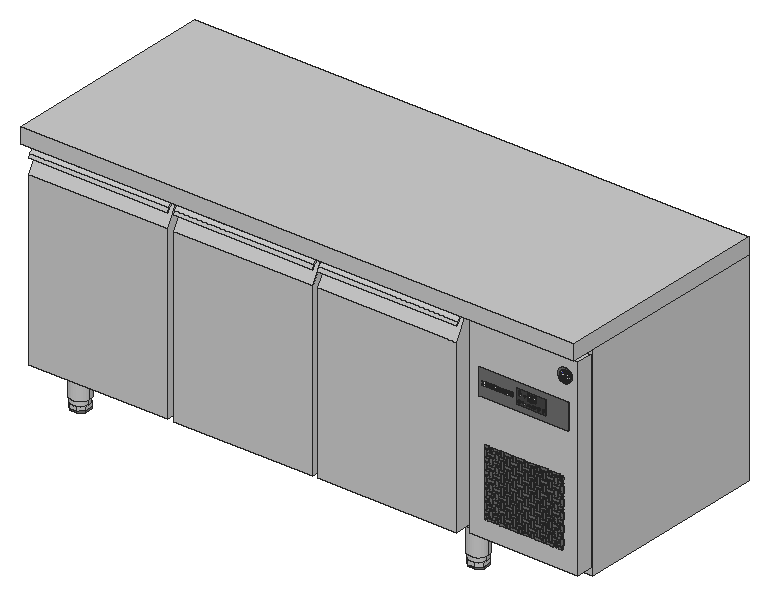
Revit family "QF_HOSHIZAKI_889020823", category Specialty Equipment, Revit 2016 (continued)
Definition of nested family "QF_HOSHIZAKI_889020823_230V_1Ph_50Hz"
  Definition of nested family "Control-panel"
    Forms (mm)
      Extrusion 1, solid
        sketch origin (-3653, 19.5, -135) x (-1, 0, 0) y (0, 0, 1)
          loop
            line (-3909.5, 299.986) -> (-3909.5, 317.986)
          loop
            arc (-3951, 330.986) -> (-3954, 327.986) -> (-3951, 324.986) r 3
            line (-3951, 324.986) -> (-3942, 324.986)
            arc (-3942, 324.986) -> (-3939, 327.986) -> (-3942, 330.986) r 3
            line (-3942, 330.986) -> (-3951, 330.986)
          loop
            arc (-3947.5, 317.986) -> (-3951, 321.486) -> (-3954.5, 317.986) r 3.5
            line (-3954.5, 317.986) -> (-3954.5, 299.986)
            arc (-3954.5, 299.986) -> (-3951, 296.486) -> (-3947.5, 299.986) r 3.5
            line (-3947.5, 299.986) -> (-3947.5, 317.986)
          loop
            arc (-3941, 312.486) -> (-3944.5, 308.986) -> (-3941, 305.486) r 3.5
            line (-3941, 305.486) -> (-3923, 305.486)
            arc (-3923, 305.486) -> (-3919.5, 308.986) -> (-3923, 312.486) r 3.5
            line (-3923, 312.486) -> (-3941, 312.486)
          loop
            arc (-3903, 312.486) -> (-3906.5, 308.986) -> (-3903, 305.486) r 3.5
            line (-3903, 305.486) -> (-3885, 305.486)
            arc (-3885, 305.486) -> (-3881.5, 308.986) -> (-3885, 312.486) r 3.5
            line (-3885, 312.486) -> (-3903, 312.486)
          loop
            arc (-3865, 312.486) -> (-3868.5, 308.986) -> (-3865, 305.486) r 3.5
            line (-3865, 305.486) -> (-3847, 305.486)
            arc (-3847, 305.486) -> (-3843.5, 308.986) -> (-3847, 312.486) r 3.5
            line (-3847, 312.486) -> (-3865, 312.486)
          loop
            arc (-3827, 312.486) -> (-3830.5, 308.986) -> (-3827, 305.486) r 3.5
            line (-3827, 305.486) -> (-3809, 305.486)
            arc (-3809, 305.486) -> (-3805.5, 308.986) -> (-3809, 312.486) r 3.5
            line (-3809, 312.486) -> (-3827, 312.486)
          loop
            arc (-3789, 312.486) -> (-3792.5, 308.986) -> (-3789, 305.486) r 3.5
            line (-3789, 305.486) -> (-3771, 305.486)
            arc (-3771, 305.486) -> (-3767.5, 308.986) -> (-3771, 312.486) r 3.5
            line (-3771, 312.486) -> (-3789, 312.486)
          loop
            arc (-3751, 312.486) -> (-3754.5, 308.986) -> (-3751, 305.486) r 3.5
            line (-3751, 305.486) -> (-3733, 305.486)
            arc (-3733, 305.486) -> (-3729.5, 308.986) -> (-3733, 312.486) r 3.5
            line (-3733, 312.486) -> (-3751, 312.486)
          loop
            arc (-3713, 312.486) -> (-3716.5, 308.986) -> (-3713, 305.486) r 3.5
            line (-3713, 305.486) -> (-3704, 305.486)
            arc (-3704, 305.486) -> (-3700.5, 308.986) -> (-3704, 312.486) r 3.5
            line (-3704, 312.486) -> (-3713, 312.486)
          loop
            line (-3938.025, 302.996) -> (-3945.025, 302.996) -> (-3945.025, 295.996) -> (-3938.025, 295.996) -> (-3938.025, 302.996)
          loop
            line (-3919.025, 302.996) -> (-3926.025, 302.996) -> (-3926.025, 295.996) -> (-3919.025, 295.996) -> (-3919.025, 302.996)
          loop
            line (-3900.025, 302.996) -> (-3907.025, 302.996) -> (-3907.025, 295.996) -> (-3900.025, 295.996) -> (-3900.025, 302.996)
          loop
            line (-3881.025, 302.996) -> (-3888.025, 302.996) -> (-3888.025, 295.996) -> (-3881.025, 295.996) -> (-3881.025, 302.996)
          loop
            line (-3862.025, 302.996) -> (-3869.025, 302.996) -> (-3869.025, 295.996) -> (-3862.025, 295.996) -> (-3862.025, 302.996)
          loop
            line (-3843.025, 302.996) -> (-3850.025, 302.996) -> (-3850.025, 295.996) -> (-3843.025, 295.996) -> (-3843.025, 302.996)
          loop
            line (-3824.025, 302.996) -> (-3831.025, 302.996) -> (-3831.025, 295.996) -> (-3824.025, 295.996) -> (-3824.025, 302.996)
          loop
            line (-3805.025, 302.996) -> (-3812.025, 302.996) -> (-3812.025, 295.996) -> (-3805.025, 295.996) -> (-3805.025, 302.996)
          loop
            line (-3786.025, 302.996) -> (-3793.025, 302.996) -> (-3793.025, 295.996) -> (-3786.025, 295.996) -> (-3786.025, 302.996)
          loop
            line (-3767.025, 302.996) -> (-3774.025, 302.996) -> (-3774.025, 295.996) -> (-3767.025, 295.996) -> (-3767.025, 302.996)
          loop
            line (-3748.025, 302.996) -> (-3755.025, 302.996) -> (-3755.025, 295.996) -> (-3748.025, 295.996) -> (-3748.025, 302.996)
          loop
            line (-3729.025, 302.996) -> (-3736.025, 302.996) -> (-3736.025, 295.996) -> (-3729.025, 295.996) -> (-3729.025, 302.996)
          loop
            line (-3710.025, 302.996) -> (-3717.025, 302.996) -> (-3717.025, 295.996) -> (-3710.025, 295.996) -> (-3710.025, 302.996)
          loop
            line (-3935.5, 298.986) -> (-3935.5, 280.986)
            arc (-3935.5, 280.986) -> (-3932, 277.486) -> (-3928.5, 280.986) r 3.5
            line (-3928.5, 280.986) -> (-3928.5, 298.986)
            arc (-3928.5, 298.986) -> (-3932, 302.486) -> (-3935.5, 298.986) r 3.5
          loop
            line (-3897.5, 298.986) -> (-3897.5, 280.986)
            arc (-3897.5, 280.986) -> (-3894, 277.486) -> (-3890.5, 280.986) r 3.5
            line (-3890.5, 280.986) -> (-3890.5, 298.986)
            arc (-3890.5, 298.986) -> (-3894, 302.486) -> (-3897.5, 298.986) r 3.5
          loop
            line (-3859.5, 298.986) -> (-3859.5, 280.986)
            arc (-3859.5, 280.986) -> (-3856, 277.486) -> (-3852.5, 280.986) r 3.5
            line (-3852.5, 280.986) -> (-3852.5, 298.986)
            arc (-3852.5, 298.986) -> (-3856, 302.486) -> (-3859.5, 298.986) r 3.5
          loop
            line (-3821.5, 298.986) -> (-3821.5, 280.986)
            arc (-3821.5, 280.986) -> (-3818, 277.486) -> (-3814.5, 280.986) r 3.5
            line (-3814.5, 280.986) -> (-3814.5, 298.986)
            arc (-3814.5, 298.986) -> (-3818, 302.486) -> (-3821.5, 298.986) r 3.5
          loop
            line (-3783.5, 298.986) -> (-3783.5, 280.986)
            arc (-3783.5, 280.986) -> (-3780, 277.486) -> (-3776.5, 280.986) r 3.5
            line (-3776.5, 280.986) -> (-3776.5, 298.986)
            arc (-3776.5, 298.986) -> (-3780, 302.486) -> (-3783.5, 298.986) r 3.5
          loop
            line (-3745.5, 298.986) -> (-3745.5, 280.986)
            arc (-3745.5, 280.986) -> (-3742, 277.486) -> (-3738.5, 280.986) r 3.5
            line (-3738.5, 280.986) -> (-3738.5, 298.986)
            arc (-3738.5, 298.986) -> (-3742, 302.486) -> (-3745.5, 298.986) r 3.5
          loop
            line (-3707.5, 298.986) -> (-3707.5, 280.986)
            arc (-3707.5, 280.986) -> (-3704, 277.486) -> (-3700.5, 280.986) r 3.5
            line (-3700.5, 280.986) -> (-3700.5, 298.986)
            arc (-3700.5, 298.986) -> (-3704, 302.486) -> (-3707.5, 298.986) r 3.5
          loop
            arc (-3922, 293.486) -> (-3925.5, 289.986) -> (-3922, 286.486) r 3.5
            line (-3922, 286.486) -> (-3904, 286.486)
            arc (-3904, 286.486) -> (-3900.5, 289.986) -> (-3904, 293.486) r 3.5
            line (-3904, 293.486) -> (-3922, 293.486)
          loop
            arc (-3884, 293.486) -> (-3887.5, 289.986) -> (-3884, 286.486) r 3.5
            line (-3884, 286.486) -> (-3866, 286.486)
            arc (-3866, 286.486) -> (-3862.5, 289.986) -> (-3866, 293.486) r 3.5
            line (-3866, 293.486) -> (-3884, 293.486)
          loop
            arc (-3846, 293.486) -> (-3849.5, 289.986) -> (-3846, 286.486) r 3.5
            line (-3846, 286.486) -> (-3828, 286.486)
            arc (-3828, 286.486) -> (-3824.5, 289.986) -> (-3828, 293.486) r 3.5
            line (-3828, 293.486) -> (-3846, 293.486)
          loop
            arc (-3808, 293.486) -> (-3811.5, 289.986) -> (-3808, 286.486) r 3.5
            line (-3808, 286.486) -> (-3790, 286.486)
            arc (-3790, 286.486) -> (-3786.5, 289.986) -> (-3790, 293.486) r 3.5
            line (-3790, 293.486) -> (-3808, 293.486)
          loop
            arc (-3770, 293.486) -> (-3773.5, 289.986) -> (-3770, 286.486) r 3.5
            line (-3770, 286.486) -> (-3752, 286.486)
            arc (-3752, 286.486) -> (-3748.5, 289.986) -> (-3752, 293.486) r 3.5
            line (-3752, 293.486) -> (-3770, 293.486)
          loop
            arc (-3732, 293.486) -> (-3735.5, 289.986) -> (-3732, 286.486) r 3.5
            line (-3732, 286.486) -> (-3714, 286.486)
            arc (-3714, 286.486) -> (-3710.5, 289.986) -> (-3714, 293.486) r 3.5
            line (-3714, 293.486) -> (-3732, 293.486)
          loop
            line (-3938.025, 276.976) -> (-3938.025, 283.976) -> (-3945.025, 283.976) -> (-3945.025, 276.976) -> (-3938.025, 276.976)
          loop
            line (-3919.025, 276.976) -> (-3919.025, 283.976) -> (-3926.025, 283.976) -> (-3926.025, 276.976) -> (-3919.025, 276.976)
          loop
            line (-3900.025, 276.976) -> (-3900.025, 283.976) -> (-3907.025, 283.976) -> (-3907.025, 276.976) -> (-3900.025, 276.976)
          loop
            line (-3881.025, 276.976) -> (-3881.025, 283.976) -> (-3888.025, 283.976) -> (-3888.025, 276.976) -> (-3881.025, 276.976)
          loop
            line (-3862.025, 276.976) -> (-3862.025, 283.976) -> (-3869.025, 283.976) -> (-3869.025, 276.976) -> (-3862.025, 276.976)
          loop
            line (-3843.025, 276.976) -> (-3843.025, 283.976) -> (-3850.025, 283.976) -> (-3850.025, 276.976) -> (-3843.025, 276.976)
          loop
            line (-3824.025, 276.976) -> (-3824.025, 283.976) -> (-3831.025, 283.976) -> (-3831.025, 276.976) -> (-3824.025, 276.976)
          loop
            line (-3805.025, 276.976) -> (-3805.025, 283.976) -> (-3812.025, 283.976) -> (-3812.025, 276.976) -> (-3805.025, 276.976)
          loop
            line (-3786.025, 276.976) -> (-3786.025, 283.976) -> (-3793.025, 283.976) -> (-3793.025, 276.976) -> (-3786.025, 276.976)
          loop
            line (-3767.025, 276.976) -> (-3767.025, 283.976) -> (-3774.025, 283.976) -> (-3774.025, 276.976) -> (-3767.025, 276.976)
          loop
            line (-3748.025, 276.976) -> (-3748.025, 283.976) -> (-3755.025, 283.976) -> (-3755.025, 276.976) -> (-3748.025, 276.976)
          loop
            line (-3729.025, 276.976) -> (-3729.025, 283.976) -> (-3736.025, 283.976) -> (-3736.025, 276.976) -> (-3729.025, 276.976)
          loop
            line (-3710.025, 276.976) -> (-3710.025, 283.976) -> (-3717.025, 283.976) -> (-3717.025, 276.976) -> (-3710.025, 276.976)
          loop
            arc (-3719.5, 279.986) -> (-3723, 283.486) -> (-3726.5, 279.986) r 3.5
            line (-3726.5, 279.986) -> (-3726.5, 261.986)
            arc (-3726.5, 261.986) -> (-3723, 258.486) -> (-3719.5, 261.986) r 3.5
            line (-3719.5, 261.986) -> (-3719.5, 279.986)
          loop
            arc (-3757.5, 279.986) -> (-3761, 283.486) -> (-3764.5, 279.986) r 3.5
            line (-3764.5, 279.986) -> (-3764.5, 261.986)
            arc (-3764.5, 261.986) -> (-3761, 258.486) -> (-3757.5, 261.986) r 3.5
            line (-3757.5, 261.986) -> (-3757.5, 279.986)
          loop
            arc (-3795.5, 279.986) -> (-3799, 283.486) -> (-3802.5, 279.986) r 3.5
            line (-3802.5, 279.986) -> (-3802.5, 261.986)
            arc (-3802.5, 261.986) -> (-3799, 258.486) -> (-3795.5, 261.986) r 3.5
            line (-3795.5, 261.986) -> (-3795.5, 279.986)
          loop
            arc (-3833.5, 279.986) -> (-3837, 283.486) -> (-3840.5, 279.986) r 3.5
            line (-3840.5, 279.986) -> (-3840.5, 261.986)
            arc (-3840.5, 261.986) -> (-3837, 258.486) -> (-3833.5, 261.986) r 3.5
            line (-3833.5, 261.986) -> (-3833.5, 279.986)
          loop
            arc (-3871.5, 279.986) -> (-3875, 283.486) -> (-3878.5, 279.986) r 3.5
            line (-3878.5, 279.986) -> (-3878.5, 261.986)
            arc (-3878.5, 261.986) -> (-3875, 258.486) -> (-3871.5, 261.986) r 3.5
            line (-3871.5, 261.986) -> (-3871.5, 279.986)
          loop
            arc (-3909.5, 279.986) -> (-3913, 283.486) -> (-3916.5, 279.986) r 3.5
            line (-3916.5, 279.986) -> (-3916.5, 261.986)
            arc (-3916.5, 261.986) -> (-3913, 258.486) -> (-3909.5, 261.986) r 3.5
            line (-3909.5, 261.986) -> (-3909.5, 279.986)
          loop
            arc (-3951, 292.986) -> (-3954, 289.986) -> (-3951, 286.986) r 3
            line (-3951, 286.986) -> (-3942, 286.986)
            arc (-3942, 286.986) -> (-3939, 289.986) -> (-3942, 292.986) r 3
            line (-3942, 292.986) -> (-3951, 292.986)
          loop
            arc (-3947.5, 279.986) -> (-3951, 283.486) -> (-3954.5, 279.986) r 3.5
            line (-3954.5, 279.986) -> (-3954.5, 261.986)
            arc (-3954.5, 261.986) -> (-3951, 258.486) -> (-3947.5, 261.986) r 3.5
            line (-3947.5, 261.986) -> (-3947.5, 279.986)
          loop
            arc (-3941, 274.486) -> (-3944.5, 270.986) -> (-3941, 267.486) r 3.5
            line (-3941, 267.486) -> (-3923, 267.486)
            arc (-3923, 267.486) -> (-3919.5, 270.986) -> (-3923, 274.486) r 3.5
            line (-3923, 274.486) -> (-3941, 274.486)
          loop
            arc (-3903, 274.486) -> (-3906.5, 270.986) -> (-3903, 267.486) r 3.5
            line (-3903, 267.486) -> (-3885, 267.486)
            arc (-3885, 267.486) -> (-3881.5, 270.986) -> (-3885, 274.486) r 3.5
            line (-3885, 274.486) -> (-3903, 274.486)
          loop
            arc (-3865, 274.486) -> (-3868.5, 270.986) -> (-3865, 267.486) r 3.5
            line (-3865, 267.486) -> (-3847, 267.486)
            arc (-3847, 267.486) -> (-3843.5, 270.986) -> (-3847, 274.486) r 3.5
            line (-3847, 274.486) -> (-3865, 274.486)
          loop
            arc (-3827, 274.486) -> (-3830.5, 270.986) -> (-3827, 267.486) r 3.5
            line (-3827, 267.486) -> (-3809, 267.486)
            arc (-3809, 267.486) -> (-3805.5, 270.986) -> (-3809, 274.486) r 3.5
            line (-3809, 274.486) -> (-3827, 274.486)
          loop
            arc (-3789, 274.486) -> (-3792.5, 270.986) -> (-3789, 267.486) r 3.5
            line (-3789, 267.486) -> (-3771, 267.486)
            arc (-3771, 267.486) -> (-3767.5, 270.986) -> (-3771, 274.486) r 3.5
            line (-3771, 274.486) -> (-3789, 274.486)
          loop
            arc (-3751, 274.486) -> (-3754.5, 270.986) -> (-3751, 267.486) r 3.5
            line (-3751, 267.486) -> (-3733, 267.486)
            arc (-3733, 267.486) -> (-3729.5, 270.986) -> (-3733, 274.486) r 3.5
            line (-3733, 274.486) -> (-3751, 274.486)
          loop
            arc (-3713, 274.486) -> (-3716.5, 270.986) -> (-3713, 267.486) r 3.5
            line (-3713, 267.486) -> (-3704, 267.486)
            arc (-3704, 267.486) -> (-3700.5, 270.986) -> (-3704, 274.486) r 3.5
            line (-3704, 274.486) -> (-3713, 274.486)
          loop
            line (-3938.025, 264.996) -> (-3945.025, 264.996) -> (-3945.025, 257.996) -> (-3938.025, 257.996) -> (-3938.025, 264.996)
          loop
            line (-3919.025, 264.996) -> (-3926.025, 264.996) -> (-3926.025, 257.996) -> (-3919.025, 257.996) -> (-3919.025, 264.996)
          loop
            line (-3900.025, 264.996) -> (-3907.025, 264.996) -> (-3907.025, 257.996) -> (-3900.025, 257.996) -> (-3900.025, 264.996)
          loop
            line (-3881.025, 264.996) -> (-3888.025, 264.996) -> (-3888.025, 257.996) -> (-3881.025, 257.996) -> (-3881.025, 264.996)
          loop
            line (-3862.025, 264.996) -> (-3869.025, 264.996) -> (-3869.025, 257.996) -> (-3862.025, 257.996) -> (-3862.025, 264.996)
          loop
            line (-3843.025, 264.996) -> (-3850.025, 264.996) -> (-3850.025, 257.996) -> (-3843.025, 257.996) -> (-3843.025, 264.996)
          loop
            line (-3824.025, 264.996) -> (-3831.025, 264.996) -> (-3831.025, 257.996) -> (-3824.025, 257.996) -> (-3824.025, 264.996)
          loop
            line (-3805.025, 264.996) -> (-3812.025, 264.996) -> (-3812.025, 257.996) -> (-3805.025, 257.996) -> (-3805.025, 264.996)
          loop
            line (-3786.025, 264.996) -> (-3793.025, 264.996) -> (-3793.025, 257.996) -> (-3786.025, 257.996) -> (-3786.025, 264.996)
          loop
            line (-3767.025, 264.996) -> (-3774.025, 264.996) -> (-3774.025, 257.996) -> (-3767.025, 257.996) -> (-3767.025, 264.996)
          loop
            line (-3748.025, 264.996) -> (-3755.025, 264.996) -> (-3755.025, 257.996) -> (-3748.025, 257.996) -> (-3748.025, 264.996)
          loop
            line (-3729.025, 264.996) -> (-3736.025, 264.996) -> (-3736.025, 257.996) -> (-3729.025, 257.996) -> (-3729.025, 264.996)
          loop
            line (-3710.025, 264.996) -> (-3717.025, 264.996) -> (-3717.025, 257.996) -> (-3710.025, 257.996) -> (-3710.025, 264.996)
          loop
            line (-3935.5, 260.986) -> (-3935.5, 242.986)
            arc (-3935.5, 242.986) -> (-3932, 239.486) -> (-3928.5, 242.986) r 3.5
            line (-3928.5, 242.986) -> (-3928.5, 260.986)
            arc (-3928.5, 260.986) -> (-3932, 264.486) -> (-3935.5, 260.986) r 3.5
          loop
            line (-3897.5, 260.986) -> (-3897.5, 242.986)
            arc (-3897.5, 242.986) -> (-3894, 239.486) -> (-3890.5, 242.986) r 3.5
            line (-3890.5, 242.986) -> (-3890.5, 260.986)
            arc (-3890.5, 260.986) -> (-3894, 264.486) -> (-3897.5, 260.986) r 3.5
          loop
            line (-3859.5, 260.986) -> (-3859.5, 242.986)
            arc (-3859.5, 242.986) -> (-3856, 239.486) -> (-3852.5, 242.986) r 3.5
            line (-3852.5, 242.986) -> (-3852.5, 260.986)
            arc (-3852.5, 260.986) -> (-3856, 264.486) -> (-3859.5, 260.986) r 3.5
          loop
            line (-3821.5, 260.986) -> (-3821.5, 242.986)
            arc (-3821.5, 242.986) -> (-3818, 239.486) -> (-3814.5, 242.986) r 3.5
            line (-3814.5, 242.986) -> (-3814.5, 260.986)
            arc (-3814.5, 260.986) -> (-3818, 264.486) -> (-3821.5, 260.986) r 3.5
          loop
            line (-3783.5, 260.986) -> (-3783.5, 242.986)
            arc (-3783.5, 242.986) -> (-3780, 239.486) -> (-3776.5, 242.986) r 3.5
            line (-3776.5, 242.986) -> (-3776.5, 260.986)
            arc (-3776.5, 260.986) -> (-3780, 264.486) -> (-3783.5, 260.986) r 3.5
          loop
            line (-3745.5, 260.986) -> (-3745.5, 242.986)
            arc (-3745.5, 242.986) -> (-3742, 239.486) -> (-3738.5, 242.986) r 3.5
            line (-3738.5, 242.986) -> (-3738.5, 260.986)
            arc (-3738.5, 260.986) -> (-3742, 264.486) -> (-3745.5, 260.986) r 3.5
          loop
            line (-3707.5, 260.986) -> (-3707.5, 242.986)
            arc (-3707.5, 242.986) -> (-3704, 239.486) -> (-3700.5, 242.986) r 3.5
            line (-3700.5, 242.986) -> (-3700.5, 260.986)
            arc (-3700.5, 260.986) -> (-3704, 264.486) -> (-3707.5, 260.986) r 3.5
          loop
            arc (-3922, 255.486) -> (-3925.5, 251.986) -> (-3922, 248.486) r 3.5
            line (-3922, 248.486) -> (-3904, 248.486)
            arc (-3904, 248.486) -> (-3900.5, 251.986) -> (-3904, 255.486) r 3.5
            line (-3904, 255.486) -> (-3922, 255.486)
          loop
            arc (-3884, 255.486) -> (-3887.5, 251.986) -> (-3884, 248.486) r 3.5
            line (-3884, 248.486) -> (-3866, 248.486)
            arc (-3866, 248.486) -> (-3862.5, 251.986) -> (-3866, 255.486) r 3.5
            line (-3866, 255.486) -> (-3884, 255.486)
          loop
            arc (-3846, 255.486) -> (-3849.5, 251.986) -> (-3846, 248.486) r 3.5
            line (-3846, 248.486) -> (-3828, 248.486)
            arc (-3828, 248.486) -> (-3824.5, 251.986) -> (-3828, 255.486) r 3.5
            line (-3828, 255.486) -> (-3846, 255.486)
          loop
            arc (-3808, 255.486) -> (-3811.5, 251.986) -> (-3808, 248.486) r 3.5
            line (-3808, 248.486) -> (-3790, 248.486)
            arc (-3790, 248.486) -> (-3786.5, 251.986) -> (-3790, 255.486) r 3.5
            line (-3790, 255.486) -> (-3808, 255.486)
          loop
            arc (-3770, 255.486) -> (-3773.5, 251.986) -> (-3770, 248.486) r 3.5
            line (-3770, 248.486) -> (-3752, 248.486)
            arc (-3752, 248.486) -> (-3748.5, 251.986) -> (-3752, 255.486) r 3.5
            line (-3752, 255.486) -> (-3770, 255.486)
          loop
            arc (-3732, 255.486) -> (-3735.5, 251.986) -> (-3732, 248.486) r 3.5
            line (-3732, 248.486) -> (-3714, 248.486)
            arc (-3714, 248.486) -> (-3710.5, 251.986) -> (-3714, 255.486) r 3.5
            line (-3714, 255.486) -> (-3732, 255.486)
          loop
            line (-3938.025, 238.976) -> (-3938.025, 245.976) -> (-3945.025, 245.976) -> (-3945.025, 238.976) -> (-3938.025, 238.976)
          loop
            line (-3919.025, 238.976) -> (-3919.025, 245.976) -> (-3926.025, 245.976) -> (-3926.025, 238.976) -> (-3919.025, 238.976)
          loop
            line (-3900.025, 238.976) -> (-3900.025, 245.976) -> (-3907.025, 245.976) -> (-3907.025, 238.976) -> (-3900.025, 238.976)
          loop
            line (-3881.025, 238.976) -> (-3881.025, 245.976) -> (-3888.025, 245.976) -> (-3888.025, 238.976) -> (-3881.025, 238.976)
          loop
            line (-3862.025, 238.976) -> (-3862.025, 245.976) -> (-3869.025, 245.976) -> (-3869.025, 238.976) -> (-3862.025, 238.976)
          loop
            line (-3843.025, 238.976) -> (-3843.025, 245.976) -> (-3850.025, 245.976) -> (-3850.025, 238.976) -> (-3843.025, 238.976)
          loop
            line (-3824.025, 238.976) -> (-3824.025, 245.976) -> (-3831.025, 245.976) -> (-3831.025, 238.976) -> (-3824.025, 238.976)
          loop
            line (-3805.025, 238.976) -> (-3805.025, 245.976) -> (-3812.025, 245.976) -> (-3812.025, 238.976) -> (-3805.025, 238.976)
          loop
            line (-3786.025, 238.976) -> (-3786.025, 245.976) -> (-3793.025, 245.976) -> (-3793.025, 238.976) -> (-3786.025, 238.976)
          loop
            line (-3767.025, 238.976) -> (-3767.025, 245.976) -> (-3774.025, 245.976) -> (-3774.025, 238.976) -> (-3767.025, 238.976)
          loop
            line (-3748.025, 238.976) -> (-3748.025, 245.976) -> (-3755.025, 245.976) -> (-3755.025, 238.976) -> (-3748.025, 238.976)
          loop
            line (-3729.025, 238.976) -> (-3729.025, 245.976) -> (-3736.025, 245.976) -> (-3736.025, 238.976) -> (-3729.025, 238.976)
          loop
            line (-3710.025, 238.976) -> (-3710.025, 245.976) -> (-3717.025, 245.976) -> (-3717.025, 238.976) -> (-3710.025, 238.976)
          loop
            arc (-3719.5, 241.986) -> (-3723, 245.486) -> (-3726.5, 241.986) r 3.5
            line (-3726.5, 241.986) -> (-3726.5, 223.986)
            arc (-3726.5, 223.986) -> (-3723, 220.486) -> (-3719.5, 223.986) r 3.5
            line (-3719.5, 223.986) -> (-3719.5, 241.986)
          loop
            arc (-3757.5, 241.986) -> (-3761, 245.486) -> (-3764.5, 241.986) r 3.5
            line (-3764.5, 241.986) -> (-3764.5, 223.986)
            arc (-3764.5, 223.986) -> (-3761, 220.486) -> (-3757.5, 223.986) r 3.5
            line (-3757.5, 223.986) -> (-3757.5, 241.986)
          loop
            arc (-3795.5, 241.986) -> (-3799, 245.486) -> (-3802.5, 241.986) r 3.5
            line (-3802.5, 241.986) -> (-3802.5, 223.986)
            arc (-3802.5, 223.986) -> (-3799, 220.486) -> (-3795.5, 223.986) r 3.5
            line (-3795.5, 223.986) -> (-3795.5, 241.986)
          loop
            arc (-3833.5, 241.986) -> (-3837, 245.486) -> (-3840.5, 241.986) r 3.5
            line (-3840.5, 241.986) -> (-3840.5, 223.986)
            arc (-3840.5, 223.986) -> (-3837, 220.486) -> (-3833.5, 223.986) r 3.5
            line (-3833.5, 223.986) -> (-3833.5, 241.986)
          loop
            arc (-3871.5, 241.986) -> (-3875, 245.486) -> (-3878.5, 241.986) r 3.5
            line (-3878.5, 241.986) -> (-3878.5, 223.986)
            arc (-3878.5, 223.986) -> (-3875, 220.486) -> (-3871.5, 223.986) r 3.5
            line (-3871.5, 223.986) -> (-3871.5, 241.986)
          loop
            arc (-3909.5, 241.986) -> (-3913, 245.486) -> (-3916.5, 241.986) r 3.5
            line (-3916.5, 241.986) -> (-3916.5, 223.986)
            arc (-3916.5, 223.986) -> (-3913, 220.486) -> (-3909.5, 223.986) r 3.5
            line (-3909.5, 223.986) -> (-3909.5, 241.986)
          loop
            arc (-3951, 254.986) -> (-3954, 251.986) -> (-3951, 248.986) r 3
            line (-3951, 248.986) -> (-3942, 248.986)
            arc (-3942, 248.986) -> (-3939, 251.986) -> (-3942, 254.986) r 3
            line (-3942, 254.986) -> (-3951, 254.986)
          loop
            arc (-3947.5, 241.986) -> (-3951, 245.486) -> (-3954.5, 241.986) r 3.5
            line (-3954.5, 241.986) -> (-3954.5, 223.986)
            arc (-3954.5, 223.986) -> (-3951, 220.486) -> (-3947.5, 223.986) r 3.5
            line (-3947.5, 223.986) -> (-3947.5, 241.986)
          loop
            arc (-3941, 236.486) -> (-3944.5, 232.986) -> (-3941, 229.486) r 3.5
            line (-3941, 229.486) -> (-3923, 229.486)
            arc (-3923, 229.486) -> (-3919.5, 232.986) -> (-3923, 236.486) r 3.5
            line (-3923, 236.486) -> (-3941, 236.486)
          loop
            arc (-3903, 236.486) -> (-3906.5, 232.986) -> (-3903, 229.486) r 3.5
            line (-3903, 229.486) -> (-3885, 229.486)
            arc (-3885, 229.486) -> (-3881.5, 232.986) -> (-3885, 236.486) r 3.5
            line (-3885, 236.486) -> (-3903, 236.486)
          loop
            arc (-3865, 236.486) -> (-3868.5, 232.986) -> (-3865, 229.486) r 3.5
            line (-3865, 229.486) -> (-3847, 229.486)
            arc (-3847, 229.486) -> (-3843.5, 232.986) -> (-3847, 236.486) r 3.5
            line (-3847, 236.486) -> (-3865, 236.486)
          loop
            arc (-3827, 236.486) -> (-3830.5, 232.986) -> (-3827, 229.486) r 3.5
            line (-3827, 229.486) -> (-3809, 229.486)
            arc (-3809, 229.486) -> (-3805.5, 232.986) -> (-3809, 236.486) r 3.5
            line (-3809, 236.486) -> (-3827, 236.486)
          loop
            arc (-3789, 236.486) -> (-3792.5, 232.986) -> (-3789, 229.486) r 3.5
            line (-3789, 229.486) -> (-3771, 229.486)
            arc (-3771, 229.486) -> (-3767.5, 232.986) -> (-3771, 236.486) r 3.5
            line (-3771, 236.486) -> (-3789, 236.486)
          loop
            arc (-3751, 236.486) -> (-3754.5, 232.986) -> (-3751, 229.486) r 3.5
            line (-3751, 229.486) -> (-3733, 229.486)
            arc (-3733, 229.486) -> (-3729.5, 232.986) -> (-3733, 236.486) r 3.5
            line (-3733, 236.486) -> (-3751, 236.486)
          loop
            arc (-3713, 236.486) -> (-3716.5, 232.986) -> (-3713, 229.486) r 3.5
            line (-3713, 229.486) -> (-3704, 229.486)
            arc (-3704, 229.486) -> (-3700.5, 232.986) -> (-3704, 236.486) r 3.5
            line (-3704, 236.486) -> (-3713, 236.486)
          loop
            line (-3938.025, 226.996) -> (-3945.025, 226.996) -> (-3945.025, 219.996) -> (-3938.025, 219.996) -> (-3938.025, 226.996)
          loop
            line (-3919.025, 226.996) -> (-3926.025, 226.996) -> (-3926.025, 219.996) -> (-3919.025, 219.996) -> (-3919.025, 226.996)
          loop
            line (-3900.025, 226.996) -> (-3907.025, 226.996) -> (-3907.025, 219.996) -> (-3900.025, 219.996) -> (-3900.025, 226.996)
          loop
            line (-3881.025, 226.996) -> (-3888.025, 226.996) -> (-3888.025, 219.996) -> (-3881.025, 219.996) -> (-3881.025, 226.996)
          loop
            line (-3862.025, 226.996) -> (-3869.025, 226.996) -> (-3869.025, 219.996) -> (-3862.025, 219.996) -> (-3862.025, 226.996)
          loop
            line (-3843.025, 226.996) -> (-3850.025, 226.996) -> (-3850.025, 219.996) -> (-3843.025, 219.996) -> (-3843.025, 226.996)
          loop
            line (-3824.025, 226.996) -> (-3831.025, 226.996) -> (-3831.025, 219.996) -> (-3824.025, 219.996) -> (-3824.025, 226.996)
          loop
            line (-3805.025, 226.996) -> (-3812.025, 226.996) -> (-3812.025, 219.996) -> (-3805.025, 219.996) -> (-3805.025, 226.996)
          loop
            line (-3786.025, 226.996) -> (-3793.025, 226.996) -> (-3793.025, 219.996) -> (-3786.025, 219.996) -> (-3786.025, 226.996)
          loop
            line (-3767.025, 226.996) -> (-3774.025, 226.996) -> (-3774.025, 219.996) -> (-3767.025, 219.996) -> (-3767.025, 226.996)
          loop
            line (-3748.025, 226.996) -> (-3755.025, 226.996) -> (-3755.025, 219.996) -> (-3748.025, 219.996) -> (-3748.025, 226.996)
          loop
            line (-3729.025, 226.996) -> (-3736.025, 226.996) -> (-3736.025, 219.996) -> (-3729.025, 219.996) -> (-3729.025, 226.996)
          loop
            line (-3710.025, 226.996) -> (-3717.025, 226.996) -> (-3717.025, 219.996) -> (-3710.025, 219.996) -> (-3710.025, 226.996)
          loop
            arc (-3922, 217.486) -> (-3925.5, 213.986) -> (-3922, 210.486) r 3.5
            line (-3922, 210.486) -> (-3904, 210.486)
            arc (-3904, 210.486) -> (-3900.5, 213.986) -> (-3904, 217.486) r 3.5
            line (-3904, 217.486) -> (-3922, 217.486)
          loop
            arc (-3884, 217.486) -> (-3887.5, 213.986) -> (-3884, 210.486) r 3.5
            line (-3884, 210.486) -> (-3866, 210.486)
            arc (-3866, 210.486) -> (-3862.5, 213.986) -> (-3866, 217.486) r 3.5
            line (-3866, 217.486) -> (-3884, 217.486)
          loop
            arc (-3846, 217.486) -> (-3849.5, 213.986) -> (-3846, 210.486) r 3.5
            line (-3846, 210.486) -> (-3828, 210.486)
            arc (-3828, 210.486) -> (-3824.5, 213.986) -> (-3828, 217.486) r 3.5
            line (-3828, 217.486) -> (-3846, 217.486)
          loop
            arc (-3808, 217.486) -> (-3811.5, 213.986) -> (-3808, 210.486) r 3.5
            line (-3808, 210.486) -> (-3790, 210.486)
            arc (-3790, 210.486) -> (-3786.5, 213.986) -> (-3790, 217.486) r 3.5
            line (-3790, 217.486) -> (-3808, 217.486)
          loop
            arc (-3770, 217.486) -> (-3773.5, 213.986) -> (-3770, 210.486) r 3.5
            line (-3770, 210.486) -> (-3752, 210.486)
            arc (-3752, 210.486) -> (-3748.5, 213.986) -> (-3752, 217.486) r 3.5
            line (-3752, 217.486) -> (-3770, 217.486)
          loop
            arc (-3732, 217.486) -> (-3735.5, 213.986) -> (-3732, 210.486) r 3.5
            line (-3732, 210.486) -> (-3714, 210.486)
            arc (-3714, 210.486) -> (-3710.5, 213.986) -> (-3714, 217.486) r 3.5
            line (-3714, 217.486) -> (-3732, 217.486)
          loop
            arc (-3951, 216.986) -> (-3954, 213.986) -> (-3951, 210.986) r 3
            line (-3951, 210.986) -> (-3942, 210.986)
            arc (-3942, 210.986) -> (-3939, 213.986) -> (-3942, 216.986) r 3
            line (-3942, 216.986) -> (-3951, 216.986)
          loop
            arc (-3701, 223.486) -> (-3704, 226.486) -> (-3707, 223.486) r 3
            line (-3707, 223.486) -> (-3707, 214.486)
            arc (-3707, 214.486) -> (-3704, 211.486) -> (-3701, 214.486) r 3
            line (-3701, 214.486) -> (-3701, 223.486)
          loop
            arc (-3739, 223.486) -> (-3742, 226.486) -> (-3745, 223.486) r 3
            line (-3745, 223.486) -> (-3745, 214.486)
            arc (-3745, 214.486) -> (-3742, 211.486) -> (-3739, 214.486) r 3
            line (-3739, 214.486) -> (-3739, 223.486)
          loop
            arc (-3777, 223.486) -> (-3780, 226.486) -> (-3783, 223.486) r 3
            line (-3783, 223.486) -> (-3783, 214.486)
            arc (-3783, 214.486) -> (-3780, 211.486) -> (-3777, 214.486) r 3
            line (-3777, 214.486) -> (-3777, 223.486)
          loop
            arc (-3815, 223.486) -> (-3818, 226.486) -> (-3821, 223.486) r 3
            line (-3821, 223.486) -> (-3821, 214.486)
            arc (-3821, 214.486) -> (-3818, 211.486) -> (-3815, 214.486) r 3
            line (-3815, 214.486) -> (-3815, 223.486)
          loop
            arc (-3853, 223.486) -> (-3856, 226.486) -> (-3859, 223.486) r 3
            line (-3859, 223.486) -> (-3859, 214.486)
            arc (-3859, 214.486) -> (-3856, 211.486) -> (-3853, 214.486) r 3
            line (-3853, 214.486) -> (-3853, 223.486)
          loop
            arc (-3891, 223.486) -> (-3894, 226.486) -> (-3897, 223.486) r 3
            line (-3897, 223.486) -> (-3897, 214.486)
            arc (-3897, 214.486) -> (-3894, 211.486) -> (-3891, 214.486) r 3
            line (-3891, 214.486) -> (-3891, 223.486)
          loop
            arc (-3929, 223.486) -> (-3932, 226.486) -> (-3935, 223.486) r 3
            line (-3935, 223.486) -> (-3935, 214.486)
            arc (-3935, 214.486) -> (-3932, 211.486) -> (-3929, 214.486) r 3
            line (-3929, 214.486) -> (-3929, 223.486)
        from 5.5 to 7.5
      Extrusion 2, solid
        sketch origin (-1812, 19.5, -302.5) x (-1, 0, 0) y (0, 0, 1)
          loop
            line (-2131, 808) -> (-2131, 731)
            arc (-2131, 731) -> (-2130.121, 728.879) -> (-2128, 728) r 3
            line (-2128, 728) -> (-1845, 728)
            arc (-1845, 728) -> (-1842.879, 728.879) -> (-1842, 731) r 3
            line (-1842, 731) -> (-1842, 808)
            arc (-1842, 808) -> (-1842.879, 810.121) -> (-1845, 811) r 3
            line (-1845, 811) -> (-2128, 811)
            arc (-2128, 811) -> (-2130.121, 810.121) -> (-2131, 808) r 3
        from 5.5 to 7.5
      Extrusion 3, solid
        sketch origin (-1721.829, 19.5, -302.5) x (-1, 0, 0) y (0, 0, 1)
          loop
            line (-1873, 793) -> (-1968.159, 793) -> (-1968.159, 746) -> (-1873, 746) -> (-1873, 793)
        from 5 to 7.5
      Extrusion 4, solid, visible <- "Show Logo"
        sketch origin (-1807, 19.5, -188.5) x (-1, 0, 0) y (0, 0, 1)
          loop
            circle (-2113.5, 769.5) r 13.99
        from 4.5 to 6
      Extrusion 5, solid, visible <- "Show Logo"
        sketch origin (-1807, 19.5, -188.5) x (-1, 0, 0) y (0, 0, 1)
          loop
            circle (-2113.5, 769.5) r 15
          loop
            line (-2126.5, 769.5) -> (-2120.846, 773.459) -> (-2118.907, 773.459) -> (-2118.036, 763.497) -> (-2119.632, 763.497) -> (-2117.808, 760.891) -> (-2122.091, 759.743)
            arc (-2122.091, 759.743) -> (-2112.99, 756.51) -> (-2104.171, 760.446) r 13
            line (-2104.171, 760.446) -> (-2111.913, 760.446) -> (-2113.024, 758.523) -> (-2117.6, 758.523) -> (-2113.951, 764.843) -> (-2112.168, 762.297) -> (-2110.969, 763.497) -> (-2112.161, 767.945) -> (-2112.983, 771.014) -> (-2114.045, 774.979) -> (-2115.629, 777.241) -> (-2111.344, 777.241) -> (-2110.01, 772.26) -> (-2108.361, 772.26) -> (-2107.029, 770.928) -> (-2104.038, 769.201) -> (-2103.03, 765.437) -> (-2100.604, 767.863)
            arc (-2100.604, 767.863) -> (-2112.68, 782.474) -> (-2126.5, 769.5) r 13
          loop
            arc (-2125.531, 764.467) -> (-2124.506, 762.602) -> (-2123.241, 760.891) r 15.828
            line (-2123.241, 760.891) -> (-2121.071, 768.926) -> (-2125.531, 764.467)
          loop
            line (-2109.801, 769.877) -> (-2109.801, 764.664) -> (-2108.483, 768.285) -> (-2106.744, 769.399) -> (-2109.801, 769.877)
          loop
            line (-2108.558, 762.979) -> (-2105.47, 762.035) -> (-2104.504, 761.224) -> (-2103.812, 761.916) -> (-2105.089, 763.908) -> (-2108.558, 762.979)
          loop
            line (-2110.775, 779.307) -> (-2108.457, 780.388) -> (-2110.775, 781.009) -> (-2110.775, 779.307)
          loop
            line (-2113.024, 781.662) -> (-2115.087, 781.11) -> (-2114.199, 779.205) -> (-2112.584, 779.638) -> (-2113.79, 780.335) -> (-2113.024, 781.662)
          loop
            line (-2113.762, 753.783) -> (-2114.844, 752.701) -> (-2116.385, 752.701) -> (-2115.329, 751.645) -> (-2115.642, 749.874) -> (-2113.762, 750.959) -> (-2111.881, 749.874) -> (-2112.194, 751.645) -> (-2111.138, 752.701) -> (-2112.679, 752.701) -> (-2113.762, 753.783)
          loop
            line (-2126.524, 760.7) -> (-2128.032, 760.965) -> (-2128.916, 762.228) -> (-2129.176, 760.757) -> (-2130.805, 759.997) -> (-2128.838, 759.08) -> (-2128.648, 756.917) -> (-2127.377, 758.188) -> (-2125.906, 757.929) -> (-2126.79, 759.191) -> (-2126.524, 760.7)
          loop
            line (-2120.989, 755.68) -> (-2122.45, 755.219) -> (-2123.816, 755.931) -> (-2123.367, 754.507) -> (-2124.462, 753.08) -> (-2122.293, 753.175) -> (-2121.127, 751.344) -> (-2120.586, 753.059) -> (-2119.162, 753.508) -> (-2120.529, 754.219) -> (-2120.989, 755.68)
          loop
            line (-2100.476, 760.7) -> (-2100.21, 759.191) -> (-2101.094, 757.929) -> (-2099.623, 758.188) -> (-2098.352, 756.917) -> (-2098.162, 759.08) -> (-2096.195, 759.997) -> (-2097.824, 760.757) -> (-2098.084, 762.228) -> (-2098.968, 760.965) -> (-2100.476, 760.7)
          loop
            line (-2106.011, 755.68) -> (-2106.471, 754.219) -> (-2107.838, 753.508) -> (-2106.414, 753.059) -> (-2105.873, 751.344) -> (-2104.707, 753.175) -> (-2102.538, 753.08) -> (-2103.633, 754.507) -> (-2103.184, 755.931) -> (-2104.55, 755.219) -> (-2106.011, 755.68)
        from 4 to 6
      Extrusion 6, solid, visible <- "Show Logo"
        sketch origin (-1807, 19.5, -188.5) x (-1, 0, 0) y (0, 0, 1)
          loop
            line (-2110.775, 781.009) -> (-2112.201, 782.435)
            arc (-2112.201, 782.435) -> (-2113.187, 782.496) -> (-2114.172, 782.435) r 8.046
            arc (-2114.172, 782.435) -> (-2116.517, 781.025) -> (-2117.04, 778.339) r 3.366
            line (-2117.04, 778.339) -> (-2118.907, 773.459) -> (-2117.808, 760.891) -> (-2119.436, 758.565) -> (-2117.576, 758.565) -> (-2113.951, 764.843) -> (-2112.168, 762.297) -> (-2110.969, 763.497) -> (-2114.045, 774.979) -> (-2115.629, 777.241) -> (-2111.299, 777.241) -> (-2110.775, 779.307) -> (-2110.775, 781.009)
          loop
            line (-2116.531, 758.523) -> (-2117.14, 757.468) -> (-2111.822, 757.468) -> (-2112.761, 758.407) -> (-2109.605, 758.407) -> (-2110.682, 759.485) -> (-2112.469, 759.485) -> (-2113.024, 758.523) -> (-2116.531, 758.523)
          loop
            line (-2113.024, 781.662) -> (-2115.087, 781.11) -> (-2114.199, 779.205) -> (-2112.584, 779.638) -> (-2113.79, 780.335) -> (-2113.024, 781.662)
        from 4 to 6
      Extrusion 7, solid, visible <- "Show Logo"
        sketch origin (-1807, 19.5, -188.5) x (-1, 0, 0) y (0, 0, 1)
          loop
            circle (-2113.5, 769.5) r 22.5
        from 5 to 7.5
      Extrusion 8, solid
        sketch origin (-1721.829, 19.5, -302.5) x (-1, 0, 0) y (0, 0, 1)
          loop
            line (-1897.356, 754.233) -> (-1901.676, 760.18) -> (-1902.485, 759.592) -> (-1897.356, 752.532) -> (-1892.226, 759.592) -> (-1893.035, 760.18) -> (-1897.356, 754.233)
          loop
            line (-1895.298, 779.667) -> (-1903.298, 779.667) -> (-1899.298, 774.161) -> (-1895.298, 779.667)
          loop
            arc (-1884, 780.828) -> (-1883, 775) -> (-1882, 780.828) r 3
            line (-1882, 780.828) -> (-1882, 789)
            arc (-1882, 789) -> (-1883, 790) -> (-1884, 789) r 1
            line (-1884, 789) -> (-1884, 780.828)
          loop
            line (-1936.977, 758.753) -> (-1936.977, 757.753) -> (-1935.558, 757.753) -> (-1935.558, 753.753) -> (-1934.558, 753.753) -> (-1934.558, 757.753) -> (-1933.139, 757.753) -> (-1933.139, 758.753) -> (-1936.977, 758.753)
          loop
            line (-1932.115, 758.753) -> (-1932.115, 757.753) -> (-1929.56, 757.753) -> (-1929.56, 756.753) -> (-1932.115, 756.753) -> (-1932.115, 755.753) -> (-1929.56, 755.753) -> (-1929.56, 754.846) -> (-1932.115, 754.846) -> (-1932.115, 753.959) -> (-1928.597, 753.959) -> (-1928.597, 758.753) -> (-1932.115, 758.753)
          loop
            arc (-1924.65, 754.079) -> (-1924.044, 754.636) -> (-1923.817, 755.427) r 1.523
            line (-1923.817, 755.427) -> (-1924.894, 755.427)
            arc (-1924.894, 755.427) -> (-1925.223, 754.677) -> (-1926.036, 754.57) r 0.834
            arc (-1926.036, 754.57) -> (-1926.426, 755.149) -> (-1926.036, 755.728) r 0.624
            line (-1926.036, 755.728) -> (-1924.4, 756.389)
            arc (-1924.4, 756.389) -> (-1923.819, 757.429) -> (-1924.4, 758.468) r 1.22
            arc (-1924.4, 758.468) -> (-1925.609, 758.837) -> (-1926.845, 758.566) r 2.5
            arc (-1926.845, 758.566) -> (-1927.43, 758.007) -> (-1927.61, 757.218) r 1.408
            line (-1927.61, 757.218) -> (-1926.501, 757.218)
            arc (-1926.501, 757.218) -> (-1926.119, 757.761) -> (-1925.46, 757.843) r 0.819
            arc (-1925.46, 757.843) -> (-1925.082, 757.298) -> (-1925.527, 756.805) r 0.534
            arc (-1925.527, 756.805) -> (-1926.174, 756.645) -> (-1926.79, 756.389) r 4.401
            arc (-1926.79, 756.389) -> (-1927.499, 755.234) -> (-1926.79, 754.079) r 1.296
            arc (-1926.79, 754.079) -> (-1925.72, 753.823) -> (-1924.65, 754.079) r 2.364
          loop
            line (-1958.87, 752.532) -> (-1958.87, 755.934)
            arc (-1958.87, 755.934) -> (-1958.222, 756.503) -> (-1957.723, 757.207) r 3.697
            arc (-1957.723, 757.207) -> (-1957.553, 757.851) -> (-1957.699, 758.502) r 1.401
            arc (-1957.699, 758.502) -> (-1958.144, 759.265) -> (-1958.709, 759.944) r 5.307
            arc (-1958.709, 759.944) -> (-1959.239, 760.424) -> (-1959.82, 760.841) r 6.284
            arc (-1959.82, 760.841) -> (-1960.356, 760.997) -> (-1960.892, 760.841) r 1
            arc (-1960.892, 760.841) -> (-1961.473, 760.424) -> (-1962.003, 759.944) r 6.284
            arc (-1962.003, 759.944) -> (-1962.568, 759.265) -> (-1963.013, 758.502) r 5.307
            arc (-1963.013, 758.502) -> (-1963.159, 757.851) -> (-1962.988, 757.207) r 1.401
            arc (-1962.988, 757.207) -> (-1962.49, 756.503) -> (-1961.842, 755.934) r 3.697
            line (-1961.842, 755.934) -> (-1961.842, 752.532) -> (-1958.87, 752.532)
          loop
            line (-1882.858, 757.309) -> (-1881.853, 757.309) -> (-1881.853, 762) -> (-1882.858, 762) -> (-1882.858, 757.309)
          loop
            line (-1881.418, 759.222) -> (-1881.418, 760.609)
            arc (-1881.418, 760.609) -> (-1882.356, 752) -> (-1883.294, 760.609) r 4.356
            line (-1883.294, 760.609) -> (-1883.294, 759.222)
            arc (-1883.294, 759.222) -> (-1882.356, 753.34) -> (-1881.418, 759.222) r 3.016
          loop
            line (-1942.482, 755.817) -> (-1943.482, 755.817) -> (-1943.482, 752.817) -> (-1942.482, 752.817) -> (-1942.482, 755.817)
          loop
            line (-1944.856, 754.447) -> (-1945.856, 754.447) -> (-1945.856, 751.447) -> (-1944.856, 751.447) -> (-1944.856, 754.447)
          loop
            line (-1948.23, 755.817) -> (-1948.23, 752.817) -> (-1947.23, 752.817) -> (-1947.23, 755.817) -> (-1948.23, 755.817)
          loop
            line (-1945.356, 755.607) -> (-1942.858, 757.356) -> (-1943.431, 758.175) -> (-1945.356, 756.827) -> (-1947.28, 758.175) -> (-1947.854, 757.356) -> (-1945.356, 755.607)
          loop
            line (-1945.356, 758.296) -> (-1943.128, 760.523) -> (-1943.835, 761.23) -> (-1945.356, 759.71) -> (-1946.876, 761.23) -> (-1947.583, 760.523) -> (-1945.356, 758.296)
          loop
            line (-1912.356, 758.479) -> (-1908.035, 752.532) -> (-1907.226, 753.12) -> (-1912.356, 760.18) -> (-1917.485, 753.12) -> (-1916.676, 752.532) -> (-1912.356, 758.479)
          loop
            line (-1919.965, 768) -> (-1908.298, 768) -> (-1908.298, 779.667) -> (-1916.632, 779.667) -> (-1916.632, 784.667) -> (-1908.298, 784.667) -> (-1908.298, 788) -> (-1919.965, 788) -> (-1919.965, 776.333) -> (-1911.632, 776.333) -> (-1911.632, 771.333) -> (-1919.965, 771.333) -> (-1919.965, 768)
          loop
            line (-1934.965, 768) -> (-1923.298, 768) -> (-1923.298, 779.667) -> (-1931.632, 779.667) -> (-1931.632, 784.667) -> (-1923.298, 784.667) -> (-1923.298, 788) -> (-1934.965, 788) -> (-1934.965, 776.333) -> (-1926.632, 776.333) -> (-1926.632, 771.333) -> (-1934.965, 771.333) -> (-1934.965, 768)
        from 5 to 7.5
      Extrusion 9, solid, visible <- "Show Logo"
        sketch origin (5.605, 25.5, -94.508) x (-1, 0, 0) y (0, 0, 1)
          loop
            line (-34.966, 567.015) -> (-40.766, 567.015) -> (-40.766, 565.73) -> (-38.944, 564.902) -> (-38.944, 562.682) -> (-43.554, 562.682) -> (-43.554, 564.902) -> (-41.731, 565.73) -> (-41.731, 567.015) -> (-47.532, 567.015) -> (-47.532, 565.73) -> (-46.098, 564.902) -> (-46.098, 558.114) -> (-47.532, 557.286) -> (-47.532, 556) -> (-41.731, 556) -> (-41.731, 557.286) -> (-43.554, 558.114) -> (-43.554, 560.673) -> (-38.944, 560.673) -> (-38.944, 558.114) -> (-40.766, 557.286) -> (-40.766, 556) -> (-34.966, 556) -> (-34.966, 557.286) -> (-36.4, 558.114) -> (-36.4, 564.902) -> (-34.966, 565.73) -> (-34.966, 567.015)
          loop
            spline (-53.399, 556.042) -> (-51.878, 556.229) -> (-50.461, 556.777) -> (-49.244, 557.649) -> (-48.31, 558.785) -> (-47.723, 560.108) -> (-47.523, 561.528) -> (-47.723, 562.949) -> (-48.31, 564.272) -> (-49.244, 565.408) -> (-50.461, 566.28) -> (-51.878, 566.828) -> (-53.399, 567.015)
            spline (-53.399, 567.015) -> (-54.92, 566.828) -> (-56.337, 566.28) -> (-57.554, 565.408) -> (-58.488, 564.272) -> (-59.075, 562.949) -> (-59.276, 561.528) -> (-59.075, 560.108) -> (-58.488, 558.785) -> (-57.554, 557.649) -> (-56.337, 556.777) -> (-54.92, 556.229) -> (-53.399, 556.042)
          loop
            spline (-53.299, 557.388) -> (-52.547, 557.529) -> (-51.847, 557.943) -> (-51.245, 558.601) -> (-50.784, 559.458) -> (-50.493, 560.457) -> (-50.394, 561.528) -> (-50.493, 562.6) -> (-50.784, 563.598) -> (-51.245, 564.456) -> (-51.847, 565.114) -> (-52.547, 565.527) -> (-53.299, 565.668)
            spline (-53.299, 565.668) -> (-54.051, 565.527) -> (-54.752, 565.114) -> (-55.353, 564.456) -> (-55.815, 563.598) -> (-56.105, 562.6) -> (-56.204, 561.528) -> (-56.105, 560.457) -> (-55.815, 559.458) -> (-55.353, 558.601) -> (-54.752, 557.943) -> (-54.051, 557.529) -> (-53.299, 557.388)
          loop
            line (-69.829, 567.094) -> (-69.829, 563.369) -> (-68.139, 563.369) -> (-66.541, 565.495)
            arc (-66.541, 565.495) -> (-65.019, 565.695) -> (-63.498, 565.495) r 5.879
            arc (-63.498, 565.495) -> (-62.682, 564.432) -> (-63.498, 563.369) r 1.1
            line (-63.498, 563.369) -> (-69.29, 561.817)
            arc (-69.29, 561.817) -> (-70.234, 559.317) -> (-69.29, 556.817) r 3.783
            arc (-69.29, 556.817) -> (-65.84, 555.742) -> (-62.391, 556.817) r 6.071
            line (-62.391, 556.817) -> (-61.743, 556.17) -> (-59.855, 556.17) -> (-59.855, 559.779) -> (-61.862, 559.779) -> (-63.839, 557.802)
            arc (-63.839, 557.802) -> (-65.344, 557.537) -> (-66.85, 557.802) r 4.401
            arc (-66.85, 557.802) -> (-67.476, 558.697) -> (-66.85, 559.592) r 0.953
            line (-66.85, 559.592) -> (-61.612, 561.499)
            arc (-61.612, 561.499) -> (-59.989, 563.999) -> (-61.612, 566.499) r 2.737
            arc (-61.612, 566.499) -> (-64.578, 567.129) -> (-67.544, 566.499) r 7.289
            line (-67.544, 566.499) -> (-68.139, 567.094) -> (-69.829, 567.094)
          loop
            line (-71.301, 567.015) -> (-77.102, 567.015) -> (-77.102, 565.73) -> (-75.279, 564.902) -> (-75.279, 562.682) -> (-79.89, 562.682) -> (-79.89, 564.902) -> (-78.067, 565.73) -> (-78.067, 567.015) -> (-83.867, 567.015) -> (-83.867, 565.73) -> (-82.433, 564.902) -> (-82.433, 558.114) -> (-83.867, 557.286) -> (-83.867, 556) -> (-78.067, 556) -> (-78.067, 557.286) -> (-79.89, 558.114) -> (-79.89, 560.673) -> (-75.279, 560.673) -> (-75.279, 558.114) -> (-77.102, 557.286) -> (-77.102, 556) -> (-71.301, 556) -> (-71.301, 557.286) -> (-72.736, 558.114) -> (-72.736, 564.902) -> (-71.301, 565.73) -> (-71.301, 567.015)
          loop
            line (-90.776, 567.015) -> (-90.776, 565.73) -> (-89.342, 564.902) -> (-89.342, 558.114) -> (-90.776, 557.286) -> (-90.776, 556) -> (-84.989, 556) -> (-84.989, 557.286) -> (-86.423, 558.114) -> (-86.423, 564.902) -> (-84.989, 565.73) -> (-84.989, 567.015) -> (-90.776, 567.015)
          loop
            line (-92.073, 567.015) -> (-101.842, 567.015) -> (-101.842, 565.297) -> (-95.543, 557.791) -> (-98.873, 557.791) -> (-100.144, 558.681) -> (-100.144, 560.456) -> (-101.842, 560.456) -> (-101.842, 556) -> (-92.073, 556) -> (-92.073, 557.791) -> (-97.907, 564.744) -> (-97.907, 565.637) -> (-94.625, 565.637) -> (-93.746, 564.758) -> (-93.746, 562.341) -> (-92.073, 562.341) -> (-92.073, 567.015)
          loop
            line (-102.808, 556) -> (-102.808, 557.427) -> (-103.934, 557.427) -> (-107.808, 567.015) -> (-109.97, 567.015) -> (-113.886, 557.791) -> (-114.741, 557.791) -> (-114.741, 556) -> (-109.113, 556) -> (-109.113, 557.427) -> (-110.221, 557.427) -> (-111.13, 558.335) -> (-110.247, 559.596) -> (-106.153, 559.596) -> (-105.593, 558.058) -> (-106.224, 557.427) -> (-107.808, 557.427) -> (-107.808, 556) -> (-102.808, 556)
          loop
            line (-115.159, 567.015) -> (-120.444, 567.015) -> (-120.444, 565.595) -> (-119.405, 565.595) -> (-119.405, 561.351) -> (-123.648, 565.595) -> (-122.274, 565.595) -> (-122.274, 567.015) -> (-127.274, 567.015) -> (-127.274, 565.595) -> (-125.79, 565.595) -> (-123.002, 562.806) -> (-127.274, 557.791) -> (-128.486, 557.791) -> (-128.486, 556) -> (-122.274, 556) -> (-122.274, 557.791) -> (-123.993, 557.791) -> (-120.99, 560.794) -> (-119.405, 559.209) -> (-119.405, 557.791) -> (-120.444, 557.791) -> (-120.444, 556) -> (-115.444, 556) -> (-115.444, 557.791) -> (-116.869, 557.791) -> (-116.869, 565.595) -> (-115.159, 565.595) -> (-115.159, 567.015)
          loop
            line (-135, 567.015) -> (-135, 565.73) -> (-133.566, 564.902) -> (-133.566, 558.114) -> (-135, 557.286) -> (-135, 556) -> (-129.213, 556) -> (-129.213, 557.286) -> (-130.648, 558.114) -> (-130.648, 564.902) -> (-129.213, 565.73) -> (-129.213, 567.015) -> (-135, 567.015)
          loop
            line (-108.15, 564.538) -> (-109.61, 561.096) -> (-106.759, 561.096) -> (-108.15, 564.538)
        from 1 to -1
    Dimensions and locks
      plane 4 to plane 2 = 650 mm
      plane 4 to level = 650 mm
      aligned and locked: level to plane 2
Definition of nested family "QF_HOSHIZAKI_ADVANCE_REF-COUNTER-WORKTOPS"
  Parameters (values of type "760660203")
    Worktop without backsplash = yes
    Worktop with backsplash = no
    Worktop thickness [instance] = 50 mm
    Without worktop = no
    Weight [instance] = 0.00 kg
    URL Cutsheet [instance] = ""
    URL = "www.hoshizaki-europe.com"
    Status [instance] = ""
    Specification by User [instance] = ""
    Specification by Manufacturer [instance] = ""
    Serial Number [instance] = ""
    Seismic Rating [instance] = ""
    SMACNA No [instance] = ""
    Revision Code [instance] = ""
    NAFEM Spec ID Number [instance] = ""
    Model = "760660203"
    Masterspec [instance] = ""
    Manufacturer = "HOSHIZAKI"
    Length Actual [instance] = 2246 mm
    Item Number [instance] = ""
    Installed By [instance] = ""
    Identify Quantity as Lot [instance] = no
    Height Actual [instance] = 50 mm
    Furnished By [instance] = ""
    Foodservice Equipment Identifier [instance] = no
    Description = "FLAT WORKTOP FOR ACR 225 (AISI 430)"
    Depth Actual [instance] = 700 mm
    Cost = 0
    CSI MasterFormat [instance] = ""
    Backsplash thickness [instance] = 20 mm
    Backsplash height [instance] = 100 mm
    Assembly Code = "E1090320"
    Accessory [instance] = yes
  Reference planes
    plane 1 "Back": y = 0
    plane 2: z = 0
    plane 3 "Left": x = 0
    plane 4 "Right": x = 2246
    plane 5 "Front": y = -700
    plane 6 "Top": z = 50
    plane 7 "Backsplash thickness": y = -20
    plane 8 "Upright height": z = 150
    plane 9 "Center Left Right": x = 1123
  Forms (mm)
    Extrusion 1, solid, visible <- "Worktop with backsplash"
      sketch origin (0, 0, 0) x (0, 1, 0) y (0, 0, 1)
        loop
          line (0, 150) -> (-20, 150) -> (-20, 50) -> (-700, 50) -> (-700, 0) -> (0, 0) -> (0, 150)
      from 0 to 2246
    Extrusion 2, solid, visible <- "Worktop without backsplash"
      sketch origin (0, 0, 0) x (0, 1, 0) y (0, 0, 1)
        loop
          line (0, 0) -> (0, 50) -> (-700, 50) -> (-700, 0) -> (0, 0)
      from 0 to 2246
  Lines and regions (mm)
    Masking region 1, visible <- "Worktop with backsplash"
      outline origin (0, 0, 50) x (0, 1, 0) y (-1, 0, 0)
        loop
          line (0, 0) -> (-700, 0) -> (-700, -2246) -> (0, -2246) -> (0, 0)
    Masking region 2, visible <- "Worktop without backsplash"
      outline origin (0, 0, 50) x (0, 1, 0) y (-1, 0, 0)
        loop
          line (0, 0) -> (-700, 0) -> (-700, -2246) -> (0, -2246) -> (0, 0)
    symbolic lines, visible <- "Worktop with backsplash"
      curve 1: line (0, 0, 0) -> (2246, 0, 0)
      curve 2: line (2246, 0, 0) -> (2246, -700, 0)
      curve 3: line (2246, -700, 0) -> (0, -700, 0)
      curve 4: line (0, -700, 0) -> (0, 0, 0)
      curve 5: line (0, -20, 0) -> (2246, -20, 0)
    symbolic lines, visible <- "Worktop without backsplash"
      curve 6: line (0, 0, 0) -> (2246, 0, 0)
      curve 7: line (2246, 0, 0) -> (2246, -700, 0)
      curve 8: line (2246, -700, 0) -> (0, -700, 0)
      curve 9: line (0, -700, 0) -> (0, 0, 0)
    symbolic lines, visible <- "Without worktop"
      curve 10: line (0, 0, 0) -> (2246, 0, 0)
      curve 11: line (2246, 0, 0) -> (2246, -700, 0)
      curve 12: line (2246, -700, 0) -> (0, -700, 0)
      curve 13: line (0, -700, 0) -> (0, 0, 0)
    reference lines
      curve 14: line (1123, 0, 150) -> (1123, -20, 150)
      curve 15: line (0, -700, 50) -> (2246, -700, 50)
      curve 16: line (2246, -700, 50) -> (2246, 0, 50)
      curve 17: line (0, -700, 50) -> (0, 0, 50)
      curve 18: line (0, 0, 50) -> (2246, 0, 50)
      curve 19: line (1123, 0, 50) -> (1123, -700, 50)
  Dimensions and locks
    "Length Actual": plane 3 "Left" to plane 4 "Right"
    "Depth Actual": plane 5 "Front" to plane 1 "Back"
    "Backsplash thickness": plane 7 "Backsplash thickness" to plane 1 "Back"
    "Backsplash height": plane 8 "Upright height" to plane 6 "Top"
    "Backsplash height": curve 14 to plane 6 "Top"
    "Depth Actual": curve 15 to plane 1 "Back"
    "Length Actual": plane 3 "Left" to curve 16
    "Length Actual": curve 17 to plane 4 "Right"
    "Depth Actual": curve 18 to plane 5 "Front"
    equal spacing: plane 3 "Left", plane 9 "Center Left Right", plane 4 "Right"
    "Worktop thickness": plane 6 "Top" to plane 2
    "Worktop thickness": curve 19 to plane 2
    aligned and locked: level to plane 2
    aligned and locked: Extrusion 1 to plane 4 "Right"
    aligned and locked: Extrusion 1 sketch curve to plane 7 "Backsplash thickness"
    aligned and locked: curve 5 to plane 7 "Backsplash thickness"
    aligned and locked: plane 8 "Upright height" to Extrusion 1 sketch curve
    aligned and locked: plane 6 "Top" to Extrusion 1 sketch curve
    aligned and locked: plane 6 "Top" to Extrusion 2 sketch curve
    aligned and locked: Extrusion 2 sketch curve to plane 1 "Back"
    aligned and locked: Extrusion 2 sketch curve to plane 5 "Front"
    aligned and locked: Extrusion 2 to plane 4 "Right"
    aligned and locked: Masking region 1 sketch curve to Extrusion 1  (x4)
    aligned and locked: Masking region 2 sketch curve to Extrusion 1  (x4)
    aligned and locked: Extrusion 2 sketch curve to plane 2
    aligned and locked: Extrusion 1 sketch curve to plane 2
  Automatic sketch dimensions
    plane 1 "Back" to curve 1 = 0 mm
    curve 13 to plane 3 "Left" = 0 mm
    curve 7 to plane 4 "Right" = 0 mm
    curve 13 to plane 5 "Front" = 0 mm
    Extrusion 1 sketch curve to plane 1 "Back" = 0 mm
    plane 5 "Front" to Extrusion 1 sketch curve = 0 mm
    curve 19 to plane 1 "Back" = 0 mm
    curve 14 to plane 1 "Back" = 0 mm
    curve 14 to plane 7 "Backsplash thickness" = 0 mm
    curve 19 to plane 5 "Front" = 0 mm
Definition of nested family "QF_HOSHIZAKI_ADVANCE_REF-COUNTER-DOORS-DRAWERS"
  Parameters (values of type "760660485-R")
    Weight [instance] = 0.00 kg
    URL Cutsheet [instance] = ""
    URL = "www.hoshizaki-europe.com"
    Status [instance] = ""
    Specification by User [instance] = ""
    Specification by Manufacturer [instance] = ""
    Serial Number [instance] = ""
    Seismic Rating [instance] = ""
    Section size [instance] = 446 mm
    Section [instance] = 2
    SMACNA No [instance] = ""
    Right hand hinged glass door [instance] = Section = 7  # no
    Right hand hinged door [instance] = Section = 2  # yes
    Revision Code [instance] = ""
    NAFEM Spec ID Number [instance] = ""
    Model = "760660485"
    Masterspec [instance] = ""
    Manufacturer = "HOSHIZAKI"
    Length Actual [instance] = 0 mm
    Left hand hinged glass door [instance] = Section = 6  # no
    Left hand hinged door [instance] = or(Section > 7, Section < 2)  # no
    Item Number [instance] = ""
    Installed By [instance] = ""
    Identify Quantity as Lot [instance] = no
    Height Actual [instance] = 0 mm
    Furnished By [instance] = ""
    Foodservice Equipment Identifier [instance] = no
    Description = "DOOR SECTION - RIGHT OPENING DOOR FOR ADVANCE COUNTER"
    Depth Actual [instance] = 0 mm
    Cost = 0
    CSI MasterFormat [instance] = ""
    Assembly Code = "E1090320"
    Accessory [instance] = yes
    3 Drawers [instance] = Section = 5  # no
    2 Drawers 1-3 and 2-3 [instance] = Section = 4  # no
    2 Drawers [instance] = Section = 3  # no
  Reference planes
    plane 1 "Back": y = 0
    plane 2: z = 0
    plane 3 "Left": x = 0
    plane 4 "Right": x = 446
    plane 5 "Front": y = 0
    plane 6 "Top": z = 700
    plane 7 "Front door": y = 80
  Dimensions and locks
    "Section size": plane 3 "Left" to plane 4 "Right"
    plane 6 "Top" to level = 700 mm
    locked: plane 7 "Front door" to plane 5 "Front" at 80
    aligned and locked: level to plane 2
    aligned and locked: plane 1 "Back" to nested 1
    aligned and locked: plane 3 "Left" to nested 1
    aligned and locked: plane 1 "Back" to nested 2
    aligned and locked: plane 3 "Left" to nested 2
    aligned and locked: plane 1 "Back" to nested 3
    aligned and locked: plane 3 "Left" to nested 3
    aligned and locked: plane 1 "Back" to nested 4
    aligned and locked: plane 3 "Left" to nested 4
    aligned and locked: plane 3 "Left" to nested 5
    aligned and locked: plane 1 "Back" to nested 5
    aligned and locked: plane 3 "Left" to nested 6
    aligned and locked: plane 1 "Back" to nested 6
    aligned and locked: plane 3 "Left" to nested 7
    aligned and locked: plane 1 "Back" to nested 7
  Nested families
    nested 1: "Right_Door" at (0, 0, 0), Section size <- "Section size", type "Right door"
      with Worktop thickness 50 mm, Section size 446 mm, Legs height 0 mm, Height Actual 700 mm, Depth Actual 0 mm
    nested 2: "Left_Door" at (0, 0, 0), Section size <- "Section size", type "Left door"
      with Worktop thickness 50 mm, Section size 446 mm, Legs height 0 mm, Height Actual 700 mm, Depth Actual 0 mm, Left hand hinged door no
